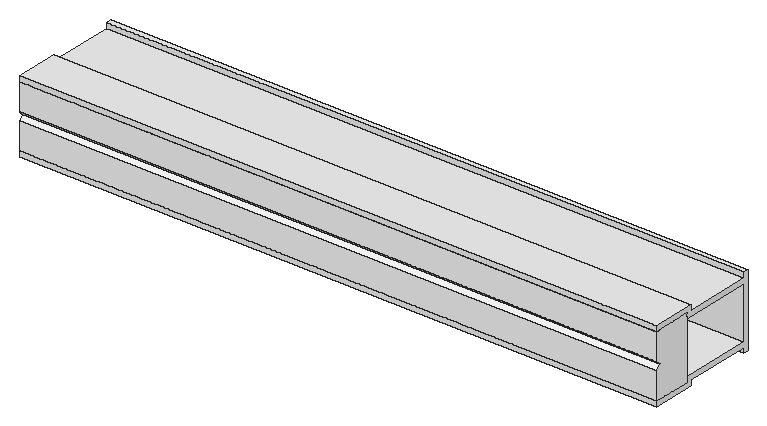
Revit family "4070741+4070746 Feilo Sylvania Lighting Fixture CURSUS 306MM 192LM WIDE LED 4K with CONTINUOUS WALL HOUSING", category Lighting Fixtures, host Face, Revit 2017
Family settings
  Host = Face
  Round Connector Dimension = Use Diameter
  Part Type = Normal
  OmniClass Number = 23.80.70.14
  OmniClass Title = Luminaries for External Lighting
  Cut with Voids When Loaded = Yes
  Light Source = Yes
  Shared = Yes
  Room Calculation Point = No
Parameters (values of type "4070741 CURSUS 306MM 192LM WIDE LED 4K")
  Width_FEILO = 35 mm
  Weight = "0.6 kg"
  Wattage Comments = "n/a"
  Wattage = 4.5 W
  WarrantyStartDate [instance] = "n/a"
  WarrantyGuarantorParts = "n/a"
  WarrantyDurationUnit = "n/a"
  WarrantyDurationParts = "n/a"
  WarrantyDescription = "n/a"
  WallThickness_FEILO = 2.5 mm
  built-in parameter 1150110 = 1 (stored number, unit not read)
  Voltage = 24 V
  URL = "http://www.sylvania-lighting.com"
  TypeName = "CURSUS 306MM 192LM WIDE LED 4K"
  Type Image = <None>
  Type Comments = "n/a"
  built-in parameter 1114217 = 1 (stored number, unit not read)
  Tilt Angle = -90.00°
  built-in parameter 1150109 = 1 (stored number, unit not read)
  built-in parameter 1150134 = 12
  built-in parameter 1150113 = 1 (stored number, unit not read)
  SerialNumber [instance] = "n/a"
  ReflectorMaterial = none
  PowerFactor = 0
  PowerConsumption = "4.5 W"
  Photometric Web File = "4070741.ies"
  NominalLength = 306 mm
  NominalHeight = 50 mm
  NominalDepth = 30 mm
  Name = "CURSUS 306MM 192LM WIDE LED 4K"
  ModelReference = Name  # "CURSUS 306MM 192LM WIDE LED 4K"
  ModelNumber = "4070741"
  Model = Name  # "CURSUS 306MM 192LM WIDE LED 4K"
  Material = "natural anodised extruded aluminium structure housing"
  ManufacturerName = "Feilo Sylvania"
  Manufacturer = "Feilo Sylvania"
  LuminousEfficacy = "42.66 lm/W"
  built-in parameter 1150105 = 105.96 (stored number, unit not read)
  Lumens = 192 lm
  LuminaireType = ""
  built-in parameter 1150115 = 1 (stored number, unit not read)
  LightOutputRatio = "100"
  built-in parameter 1150137 = (empty or 0)
  built-in parameter 1150139 = (empty or 0)
  Length_FEILO = 312 mm
  LampsType = Lamp  # "LED"
  LampNominalLuminous = "192 lm"
  LampMacAdamStep = "n/a"
  LampColourTemperature = "4000 K"
  LampColourRenderingIndex = "80"
  built-in parameter 1150112 = 1 (stored number, unit not read)
  built-in parameter 1150114 = 1 (stored number, unit not read)
  Lamp = "LED"
  Keynote = "16500"
  InstallationDate [instance] = "n/a"
  InputVoltage = "24V DC"
  InputNominalFrequency = "n/a"
  built-in parameter 1150132 = (empty or 0)
  built-in parameter 1150102 = (empty or 0)
  built-in parameter 1150107 = 4000 (stored number, unit not read)
  built-in parameter 1150138 = (empty or 0)
  IngressProtection = "IP67"
  ImpactProtectionIndex = "IK07"
  built-in parameter 1150106 = 1.0596 (stored number, unit not read)
  IfcExportType = "IfcLightFixtureType"
  IfcExportAs = "IfcLightFixtureType"
  ExpectedLife = 50000
  EndCapRight [instance] = no
  EndCapLeft [instance] = no
  Emit from Rectangle Width = Width_FEILO - WallThickness_FEILO * 2  # 30 mm
  Emit from Rectangle Length = Length_FEILO - WallThickness_FEILO * 2  # 307 mm
  Emit Shape Visible in Rendering = no
  ElectricShockClassification = "Class III"
  built-in parameter 1150104 = 3.9639 (stored number, unit not read)
  DurationUnit = "hours"
  DocumentationLiterature = "http://www.sylvania-lighting.com/product/en-int/products/4070741"
  DimmingControlOptions = "n/a"
  Dimming Lamp Color Temperature Shift = <None>
  DiffuserMaterial = Diffuser-Sylvania-Glow
  Description = "LED Exterior Lighting Recessed Surface Mounted Linear Fixture, Natural anodised extruded aluminium structure. Die-cast aluminium end caps. Installation kit with harmonic steel springs., 192 lm, 4,5W,  42lm/W, 4000K, CRI80+,non dimmable,IP67, IK07, (HxWxD) 306x50x30mm, 3 step Mac Adam Ellipse, 0.6kg,, Classe III, 21-25V-DC, energy class : A++, A+, A"
  Default Elevation = 1219.2 mm
  CreatedOn = "1/8/2018"
  CreatedBy = ""
  Cost = 0
  Color Filter = 16777215
  built-in parameter 1114216 [instance] = (empty or 0)
  ClassificationValue = "EF_70_80"
  ClassificationName = "Uniclass2015"
  BodyMaterial = Body-Sylvania-Gray
  BarCode [instance] = "n/a"
  built-in parameter 1114218 = 1 (stored number, unit not read)
  built-in parameter 1150133 = 10 (stored number, unit not read)
  AssetType = "Fixed"
  AssetIdentifier [instance] = "n/a"
  Assembly Code = "D5020200"
  Apparent Load = 4.5 VA
  AccessoryMaterial = Diffuser-Sylvania-Glow
Reference planes
  plane 1 "Center (Front/Back)": y = 0
  plane 2: z = 0
  plane 3 "Center (Left/Right)": x = 0
  plane 4: x = 156
  plane 5: x = -156
  plane 6: x = -153.5
  plane 7: x = 153.5
  plane 8: z = 35
  plane 9: z = 17.5
  plane 10: z = 32.5
  plane 11: z = 2.5
  plane 12: z = 30
  plane 13: z = 5
  plane 14: y = -55
  plane 15: y = -53
  plane 16: y = -2.5
  plane 17: y = -37
  plane 18: y = -34.5
Forms (mm)
  Extrusion 1, solid, material "Body-Sylvania-Gray" <- "BodyMaterial"
    sketch origin (0, 0, 0) x (0, 1, 0) y (0, 0, 1)
      loop
        line (0, 35) -> (-2.5, 35) -> (-2.5, 32.5) -> (-34.5, 32.5) -> (-34.5, 35) -> (-55, 35) -> (-55, 32.5) -> (-37, 32.5) -> (-37, 30) -> (-2.5, 30) -> (-2.5, 5) -> (-37, 5) -> (-37, 2.5) -> (-55, 2.5) -> (-55, 0) -> (-34.5, 0) -> (-34.5, 2.5) -> (-2.5, 2.5) -> (-2.5, 0) -> (0, 0) -> (0, 35)
    from -153.5 to 153.5
  Extrusion 2, solid, material "Diffuser-Sylvania-Glow" <- "DiffuserMaterial"
    sketch origin (0, 0, 0) x (0, 1, 0) y (0, 0, 1)
      loop
        line (-37, 32.5) -> (-55, 32.5) -> (-55, 19.5) -> (-53, 17.5) -> (-55, 15.5) -> (-55, 2.5) -> (-37, 2.5) -> (-37, 32.5)
    from -153.5 to 153.5
  Extrusion 3, solid, material "Body-Sylvania-Gray" <- "BodyMaterial", visible <- "EndCapRight"
    sketch origin (153.5, 1524, 1219.2) x (0, 1, 0) y (0, 0, 1)
      loop
        line (-1579, -1184.2) -> (-1579, -1219.2) -> (-1524, -1219.2) -> (-1524, -1184.2) -> (-1579, -1184.2)
    from 0 to 2.5
  Extrusion 4, solid, material "Body-Sylvania-Gray" <- "BodyMaterial", visible <- "EndCapLeft"
    sketch origin (-153.5, 1524, 1219.2) x (0, 1, 0) y (0, 0, 1)
      loop
        line (-1579, -1184.2) -> (-1579, -1219.2) -> (-1524, -1219.2) -> (-1524, -1184.2) -> (-1579, -1184.2)
    from -2.5 to 0
Dimensions and locks
  equal spacing: plane 5, plane 3 "Center (Left/Right)", plane 4
  "Length_FEILO": plane 5 to plane 4
  equal spacing: plane 6, plane 3 "Center (Left/Right)", plane 7
  "WallThickness_FEILO": plane 5 to plane 6
  locked: plane 9 to plane 2 at 17.5
  locked: plane 8 to plane 2 at 35
  equal spacing: plane 11, plane 9, plane 10
  equal spacing: plane 13, plane 9, plane 12
  "WallThickness_FEILO": plane 12 to plane 10
  locked: plane 14 to plane 15 at 2
  locked: plane 14 to plane 17 at 18
  "WallThickness_FEILO": plane 17 to plane 18
  "WallThickness_FEILO": plane 16 to plane 1 "Center (Front/Back)"
  locked: plane 15 to Extrusion 2 sketch curve (angle 45.00°)
  locked: Extrusion 2 sketch curve to plane 15 (angle 45.00°)
  aligned and locked: plane 2 to host face
  aligned and locked: level to host face
  aligned and locked: plane 1 "Center (Front/Back)" to Extrusion 1 sketch curve
  aligned and locked: Extrusion 1 sketch curve to plane 8  (x2)
  aligned and locked: plane 16 to Extrusion 1 sketch curve
  aligned and locked: host face to Extrusion 1 sketch curve
  aligned and locked: Extrusion 1 sketch curve to plane 16  (x2)
  aligned and locked: Extrusion 1 sketch curve to plane 11
  aligned and locked: plane 18 to Extrusion 1 sketch curve
  aligned and locked: level to Extrusion 1 sketch curve
  aligned and locked: plane 11 to Extrusion 1 sketch curve
  aligned and locked: Extrusion 1 sketch curve to plane 17
  aligned and locked: plane 13 to Extrusion 1 sketch curve
  aligned and locked: Extrusion 1 sketch curve to plane 12
  aligned and locked: plane 10 to Extrusion 1 sketch curve  (x2)
  aligned and locked: plane 17 to Extrusion 1 sketch curve  (x2)
  aligned and locked: plane 12 to Extrusion 1 sketch curve
  aligned and locked: Extrusion 1 sketch curve to plane 10
  aligned and locked: Extrusion 1 sketch curve to plane 18
  aligned and locked: plane 7 to Extrusion 1
  aligned and locked: Extrusion 1 to plane 6
  aligned and locked: Extrusion 2 sketch curve to Extrusion 1  (x4)
  aligned and locked: Extrusion 1 to Extrusion 2 sketch curve
  aligned and locked: plane 9 to Extrusion 2 sketch curve
  aligned and locked: plane 7 to Extrusion 2
  aligned and locked: Extrusion 2 to plane 6
  aligned and locked: Extrusion 3 sketch curve to Extrusion 1  (x4)
  aligned and locked: plane 4 to Extrusion 3
  aligned and locked: Extrusion 3 to plane 7
  aligned and locked: Extrusion 4 sketch curve to Extrusion 3  (x3)
  aligned and locked: Extrusion 4 sketch curve to Extrusion 1
  aligned and locked: Extrusion 4 to plane 5
  aligned and locked: plane 6 to Extrusion 4
  aligned and locked: plane 14 to imposter light
  aligned and locked: imposter light to plane 9
  aligned and locked: plane 3 "Center (Left/Right)" to imposter light
Automatic sketch dimensions
  host sketch curve to host sketch curve = 2438.4 mm  (x2)
  Extrusion 1 sketch curve to plane 14 = 0 mm  (x2)
  Extrusion 2 sketch curve to plane 15 = 0 mm
Connectors
  electrical at (0, 0, 0), driven by "Apparent Load", driven by "PowerFactor", driven by "Voltage"
    settings: index 1, voltage 24 V, apparent load 4.5 VA, apparent load phase1 0 VA, apparent load phase2 0 VA, apparent load phase3 0 VA, power factor 0, load classification "Lighting", number of poles 1, system type 30, power factor state 1, is connector primary yes, connector utility no, sub classification motor no, connector description ""
